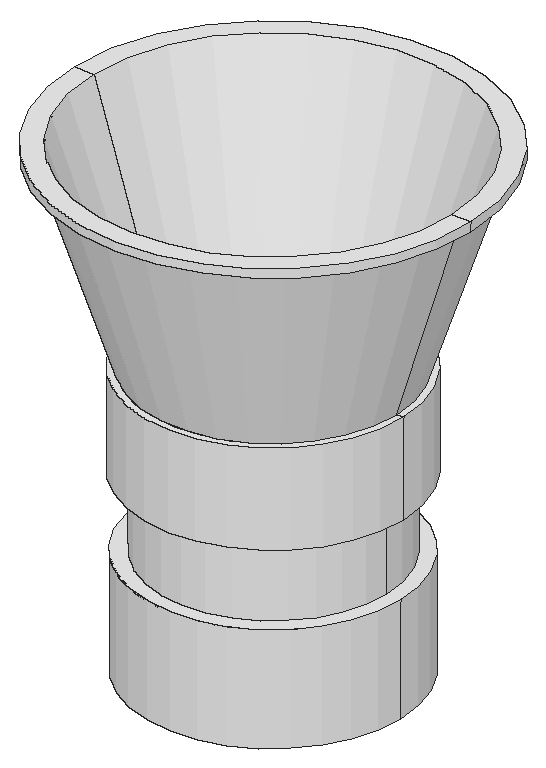
Revit family "Lighting_Fixture-Ceiling-Astro-Minima_LED", category Lighting Fixtures, host Face, Revit 2014
Parameters (values of type "5701 Minima LED")
  Width = 82.00 mm
  Weight = "0.25kg"
  Wattage Comments = "7.4w"
  Wattage = 3.56802 W
  built-in parameter 1150110 = 1 (stored number, unit not read)
  Voltage = 230 V
  URL = "www.astrolighting.co.uk"
  Type Comments = "- Requires a 700mA constant current LED driver. -This product can be dimmed if a dimmable driver is used. -Requires a 77mm cut out hole"
  built-in parameter 1114217 = 1 (stored number, unit not read)
  Tilt Angle = -90.00°
  built-in parameter 1150109 = 1 (stored number, unit not read)
  built-in parameter 1150134 = (empty or 0)
  built-in parameter 1150113 = 1 (stored number, unit not read)
  Suitable for bathroom zone = "Zone 3"
  Product Documentation = "http://www.astrolighting.co.uk/products/kw/Minima/5701_Minima-LED"
  Photometric Web File = "5701 MINIMA LED FIXED.ies"
  Number of Poles = 1
  Mountable on normally flammable surfaces = "Yes"
  Model = "5701 Minima LED"
  Manufacturer = "Astro Lighting Ltd, CM20 2DP"
  built-in parameter 1150105 = 42.176 (stored number, unit not read)
  Lumens = 530 lm
  Luminaire Lamp Efficiency Rating = "A+"
  built-in parameter 1150115 = 1 (stored number, unit not read)
  Light Source Elevation = 45.00 mm
  built-in parameter 1150137 = (empty or 0)
  built-in parameter 1150139 = (empty or 0)
  Length = 82.00 mm
  built-in parameter 1150112 = 1 (stored number, unit not read)
  built-in parameter 1150114 = 1 (stored number, unit not read)
  Lamp included = "Yes"
  Lamp = "LED"
  built-in parameter 1150132 = 2
  built-in parameter 1150102 = (empty or 0)
  built-in parameter 1150107 = 2700 (stored number, unit not read)
  built-in parameter 1150138 = (empty or 0)
  built-in parameter 1150106 = 0.42176 (stored number, unit not read)
  IP Rating = "IP20"
  Height = 97.00 mm
  Energy Efficiency Rating = "A+"
  built-in parameter 1150104 = 13.8 (stored number, unit not read)
  Dimming Lamp Color Temperature Shift = <None>
  Dimmable = "Yes, if a dimmable driver is used."
  Description = "Down Light"
  Default Elevation = 1219.20 mm
  Color Filter = 16777215
  Class = 3
  Casing Material = Astro - Aluminium - White
  built-in parameter 1114218 = 1 (stored number, unit not read)
  built-in parameter 1150133 = 10 (stored number, unit not read)
  Manufacturer Contact = "01279 427001"
  Assembly Code = "D5020200"
  Apparent Load = 10.7 VA
Reference planes
  plane 1 "Center (Front/Back)": y = 0
  plane 2: z = 0
  plane 3 "Center (Left/Right)": x = 0
  plane 4 "Light Source Elevation": z = -43.3
  plane 5 "Left": x = -41
  plane 6 "Right": x = 41
  plane 7 "Front": y = 41
  plane 8 "Back": y = -41
  plane 9 "Bottom": z = 1.7
  plane 10 "Top": z = -95.3
Forms (mm)
  Extrusion 1, void
    sketch origin (0, 0, 0) x (0, 1, 0) y (1, 0, 0)
      loop
        circle (0, 0) r 38.5
    from 0 to 95.3
  Revolve 2, solid, material "Astro - Aluminium - White" <- "Casing Material"
    sketch origin (0, 0, 0) x (1, 0, 0) y (0, 0, 1)
      loop
        line (-41, 0) -> (-38.529, 0) -> (-25.589, -39.3) -> (-27, -39.3) -> (-27, -58.3) -> (-23.5, -58.3) -> (-23.5, -73.3) -> (0, -73.3) -> (0, -56.3) -> (-23.5, -56.3) -> (-23.5, -39.3) -> (-37, 1.7) -> (-41, 1.7) -> (-41, 0)
      axis (0, 1.7) -> (0, -73.3)
    angle from 0 to 360
  Extrusion 3, solid, material "Astro - Aluminium - White" <- "Casing Material"
    sketch origin (0, 0, 0) x (1, 0, 0) y (0, 1, 0)
      loop
        circle (0, 0) r 26.5
    from -95.3 to -73.3
  Extrusion 4, solid, material "Astro - Glass - Clear"
    sketch origin (0, 0, 0) x (1, 0, 0) y (0, 1, 0)
      loop
        circle (0, 0) r 23.5
    from -43.3 to -39.3
Dimensions and locks
  equal spacing: plane 5 "Left", plane 3 "Center (Left/Right)", plane 6 "Right"
  "Length": plane 5 "Left" to plane 6 "Right"
  equal spacing: plane 7 "Front", plane 1 "Center (Front/Back)", plane 8 "Back"
  "Width": plane 7 "Front" to plane 8 "Back"
  locked: plane 9 "Bottom" to plane 2 at 1.7
  "Height": plane 9 "Bottom" to plane 10 "Top"
  "Light Source Elevation": plane 9 "Bottom" to plane 4 "Light Source Elevation"
  locked: Revolve 2 sketch curve to Revolve 2 sketch curve at 23.5  (x2)
  locked: Revolve 2 sketch curve to Revolve 2 sketch curve at 27
  locked: plane 9 "Bottom" to Revolve 2 sketch curve at 58
  locked: plane 9 "Bottom" to Revolve 2 sketch curve at 75
  locked: plane 9 "Bottom" to Revolve 2 sketch curve at 41  (x2)
  aligned and locked: plane 2 to host face
  aligned and locked: level to host face
  aligned and locked: plane 3 "Center (Left/Right)" to imposter light
  aligned and locked: plane 4 "Light Source Elevation" to imposter light
  aligned and locked: plane 3 "Center (Left/Right)" to Extrusion 1 sketch curve
  aligned and locked: plane 1 "Center (Front/Back)" to Extrusion 1 sketch curve
  aligned and locked: plane 2 to Extrusion 1
  aligned and locked: Extrusion 1 to plane 10 "Top"
  aligned and locked: Revolve 2 sketch curve to plane 3 "Center (Left/Right)"
  aligned and locked: Revolve 2 sketch curve to Revolve 2 sketch curve
  aligned and locked: Revolve 2 sketch curve to plane 2
  aligned and locked: Revolve 2 sketch curve to plane 9 "Bottom"
  aligned and locked: plane 3 "Center (Left/Right)" to Extrusion 3 sketch curve
  aligned and locked: plane 1 "Center (Front/Back)" to Extrusion 3 sketch curve
  aligned and locked: Extrusion 3 to plane 10 "Top"
  aligned and locked: Extrusion 3 to Revolve 2
  aligned and locked: plane 3 "Center (Left/Right)" to Extrusion 4 sketch curve
  aligned and locked: plane 1 "Center (Front/Back)" to Extrusion 4 sketch curve
  aligned and locked: Extrusion 4 to imposter light
  aligned and locked: Extrusion 4 to Revolve 2
Automatic sketch dimensions
  host sketch curve to host sketch curve = 134.473 mm
  host sketch curve to host sketch curve = 127.282 mm
  Revolve 2 sketch curve to plane 5 "Left" = 0.00 mm
  plane 5 "Left" to Revolve 2 sketch curve = 2.471 mm
  Revolve 2 sketch curve to Revolve 2 sketch curve = 1.529 mm
  Revolve 2 sketch curve to Revolve 2 sketch curve = 2.089 mm
  Revolve 2 sketch curve to Revolve 2 sketch curve = 2.00 mm
  Revolve 2 sketch curve to plane 10 "Top" = 5.775 mm
  plane 9 "Bottom" to Revolve 2 sketch curve = 20.00 mm
  radius of Extrusion 1 sketch curve = 38.50 mm
  radius of Extrusion 3 sketch curve = 26.50 mm
  radius of Extrusion 4 sketch curve = 23.50 mm
Connectors
  electrical at (0, 0, -95.3), driven by "Number of Poles", driven by "Voltage", driven by "Apparent Load"
    settings: on Extrusion 3, index 1, voltage 230 V, apparent load 0 VA, apparent load phase1 10.7 VA, apparent load phase2 0 VA, apparent load phase3 0 VA, power factor 1, load classification "Other", number of poles 1, system type 31, power factor state 1, is connector primary yes, connector utility no, sub classification motor no, connector description ""
